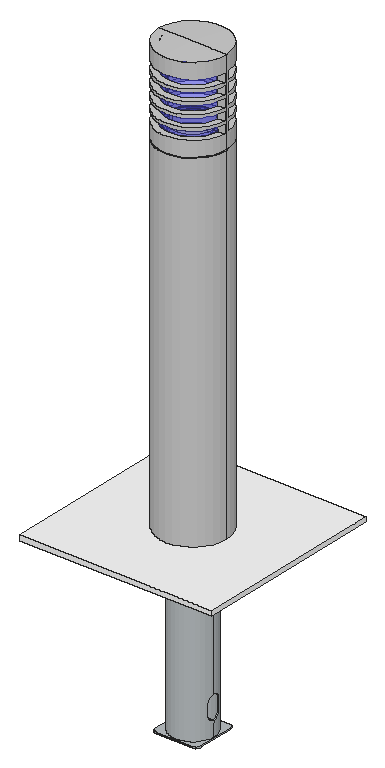
Revit family "BE_84323_de_DE", category Leuchten, Revit 2020
Family settings
  Basisbauteil = Fläche
  Bemaßung runder Anschluss = Durchmesser verwenden
  Teiletyp = Normal
  Beim Laden mit Abzugskörper schneiden = Ja
  Lichtquelle = Ja
  Gemeinsam genutzt = Nein
  Raumberechnungspunkt = Ja
Parameters (values of type "BEGA_84323_Silber_K4")
  built-in parameter 1150104 = 12.747 (stored number, unit not read)
  Wattage = 8.2 W
  Default Elevation = 0 mm
  built-in parameter 1150113 = 1 (stored number, unit not read)
  built-in parameter 1114218 = 1 (stored number, unit not read)
  Umgebungstemperatur = "25 °C"
  URL = "https://www.bega.com/de/produkt/84323"
  Typenkommentare = "© 2022 BEGA. Wir behalten uns das Recht vor, technische Änderungen ohne vorherige Ankündigung vorzunehmen."  # constant formula
  Type Image = 84323.png
  built-in parameter 1150134 = 12
  built-in parameter 1150109 = 1 (stored number, unit not read)
  Strom = ""
  built-in parameter 1150110 = 1 (stored number, unit not read)
  Spannung = 239.996 V
  Sonderanfertigung = no
  Seriennummer [instance] = "Hier können Sie die eindeutige Seriennummer für das Facility Management eintragen."
  Schutzklasse = "I"
  Schutzart = "IP 65"
  Scheinlast = 0 VA
  Produktdatenblatt = "https://cdn.bega.com/bega/products/84323AK4/current/documents/data-sheets/de"
  Oberflächentemperatur = ""
  Neigungswinkel = 0.00°
  Modell = "84323AK4"
  Material_18 = BEGA_Gummi_schwarz
  Material_17 = BEGA_Reflektor
  Material_15 = BEGA_Leuchtmedium_matt
  Material_11 = BEGA_Glas_opal
  Material_09 = BEGA_Glas_klar
  Material_08 = BEGA_Oberfläche_Stahl_verzinkt
  Material_06 = BEGA_Oberfläche_Edelstahl_gebürstet
  Material_03 = BEGA_Oberfläche_Weiss_matt
  Material_02 = BEGA_Oberfläche_Silber_matt
  Material_01 [instance] = BEGA_Oberfläche_Grafit_matt
  M_W = no
  M_G = no
  M_A = yes
  Logo = 0
  built-in parameter 1114217 = 1 (stored number, unit not read)
  built-in parameter 1150139 = (empty or 0)
  built-in parameter 1150105 = 89.534 (stored number, unit not read)
  built-in parameter 1150114 = 1 (stored number, unit not read)
  Lumens = 1125.12 lm
  built-in parameter 1150115 = 1 (stored number, unit not read)
  Leuchtenlichtstrom = "336 lm"
  Leuchtenanzahl = ""
  Lebensdauerkriterien = "L70B50 @ 25 °C = 200000 h"
  Lastklassifizierung = Beleuchtung
  built-in parameter 1150112 = 1 (stored number, unit not read)
  Lampenlichtstrom = "1415 lm"
  Lampe = "LED 8.2 W"
  LED_Modulbezeichnung = "LED-0292/840"
  built-in parameter 1150142 = (empty or 0)
  Hersteller = "BEGA"  # constant formula
  Halbstreuwinkel = ""
  Gewicht = "8.35 kg"
  Gebrauchslageneinschränkung [instance] = ""
  Frequenz = "0/50-60 Hz"
  Farbwiedergabeindex = "CRI > 80"
  Farbtemperaturverschiebung bei Dämpfen der Lampe = <Keine Auswahl>
  Farbtemperatur = "4000 K"
  Color Filter = 16777215
  built-in parameter 1150133 = 10 (stored number, unit not read)
  Energieeffizienzklasse = "LED A++ - A"
  built-in parameter 1150137 = (empty or 0)
  built-in parameter 1150132 = (empty or 0)
  ENEC = "ja"
  Dimmbar [instance] = "DALI"
  Datei für fotometrisches Netz = "BE_84323K4.IES"
  CE_Konformität = "ja"
  Bestellnummer = "84323AK4"
  Beschreibung_Sonderanfertigung = "Hier können Sie Informationen zur Sonderanfertigung eintragen."
  Beschreibung = "Garten- und Wegeleuchte"
  built-in parameter 1150106 = 0.89534 (stored number, unit not read)
  Befestigungsbohrung = ""
  Befestigungsabstand = ""
  Ballwurfsicher = ""
  BEGA_Intern_aus = yes
  BEGA_Intern_an = yes
  BEGA_Intern_Konstruktion = yes
  BEGA_Intern = yes
  BEGA_IES = yes
  BEGA_Dummy = no
  Anschlussleitung = ""
  Anschlussleistung [instance] = "9.8 W"
  built-in parameter 1150107 = 4000 (stored number, unit not read)
  built-in parameter 1150102 = (empty or 0)
  built-in parameter 1150138 = (empty or 0)
  Aktualisierung = "2022-05-19T04:00:07"
  Abstand_zur_angestrahlten_Fläche [instance] = ""
  AC/DC = "AC/DC"
Types (4, lengths in mm): name | built-in parameter 1150134 | Modell | M_G | M_A | Leuchtenlichtstrom | Lampenlichtstrom | LED_Modulbezeichnung | Farbtemperatur | Datei für fotometrisches Netz | Bestellnummer | built-in parameter 1150107
  BEGA_84323_Silber_K4 | 12 | "84323AK4" | no | yes | "336 lm" | "1415 lm" | "LED-0292/840" | "4000 K" | "BE_84323K4.IES" | "84323AK4" | 4000 (stored number, unit not read)
  BEGA_84323_Grafit_K4 | 12 | "84323K4" | yes | no | "336 lm" | "1415 lm" | "LED-0292/840" | "4000 K" | "BE_84323K4.IES" | "84323K4" | 4000 (stored number, unit not read)
  BEGA_84323_Grafit_K3 | (empty or 0) | "84323K3" | yes | no | "331 lm" | "1395 lm" | "LED-0292/830" | "3000 K" | "BE_84323K3.IES" | "84323K3" | 3000 (stored number, unit not read)
  BEGA_84323_Silber_K3 | (empty or 0) | "84323AK3" | no | yes | "331 lm" | "1395 lm" | "LED-0292/830" | "3000 K" | "BE_84323K3.IES" | "84323AK3" | 3000 (stored number, unit not read)
Reference planes
  plane 1 "Mitte (Vorne/Hinten)": y = 0
  plane 2: z = 0
  plane 3 "Mitte (Links/Rechts)": x = 0
  plane 4 "Links": x = -70
  plane 5 "Rechts": x = 70
  plane 6 "Unten": y = -70
  plane 7 "Oben": y = 70
  plane 8 "Vorne": z = 906.03
  plane 9 "Hinten": z = -380.009
Forms (mm)
  Extrusion 1, solid, material "BEGA_Platte_Weiss"
    sketch origin (0, -1119.2, 0) x (1, 0, 0) y (0, 1, 0)
      loop
        line (-200, 1319.2) -> (-200, 919.2) -> (200, 919.2) -> (200, 1319.2) -> (-200, 1319.2)
    from 0 to -10
  Extrusion 2, solid, material "BEGA_Dummy_matt", visible <- "BEGA_Dummy"
    sketch origin (77.149, -76.023, 0) x (1, 0, 0) y (0, 1, 0)
      loop
        circle (-77.149, 76.023) r 70
    from 0 to 906.03
Dimensions and locks
  plane 1 "Mitte (Vorne/Hinten)" to Extrusion 1 = 200 mm
  aligned and locked: plane 2 to Extrusion 1
  aligned and locked: level to Extrusion 1
Nested families
  nested 1: "84323" at (0, 0, 0), type "84323"
Connectors
  electrical at (0, 0, 0), driven by "Lastklassifizierung", driven by "Spannung", driven by "Scheinlast"
    settings: index 1, voltage 239.996 V, apparent load 0 VA, apparent load phase1 0 VA, apparent load phase2 0 VA, apparent load phase3 0 VA, power factor 1, load classification "Beleuchtung", number of poles 1, system type 31, power factor state 1, is connector primary yes, connector utility no, sub classification motor no, connector description ""
Definition of nested family "84323"
  Parameters (values of type "84323")
    Default Elevation = 1 mm
    URL = "http://www.bega.de/de/produkt"
    Type Comments = "© 2015 BEGA. Wir behalten uns das Recht vor, technische Änderungen ohne vorherige Ankündigung vorzunehmen. "  # constant formula
    Type Image = (empty or 0)
    Neigungswinkel_um_Z2 = 0.00°
    Neigungswinkel_um_Z1 = 0.00°
    Neigungswinkel_um_Y2 = 0.00°
    Neigungswinkel_um_Y1 = 0.00°
    Neigungswinkel_um_X2 = 0.00°
    Neigungswinkel_um_X1 = 0.00°
    Material_18 = none
    Material_17 = none
    Material_15 = none
    Material_11 = none
    Material_09 = none
    Material_08 = none
    Material_06 = none
    Material_02 = none
    Material_01 = none
    M_W = yes
    M_G = yes
    M_A = yes
    Länge_Platte = 200 mm  # constant formula
    Höhe_Platte = -10 mm  # constant formula
    Manufacturer = "BEGA"  # constant formula
    Drehwinkel_um_Z2 = 0.00°
    Drehwinkel_um_Z1 = 0.00°
    Breite_Platte = 200 mm  # constant formula
  Reference planes
    plane 1 "Mitte (Oben/Unten)": y = 0
    plane 2: z = 0
    plane 3 "Mitte (Links/Rechts)": x = 0
    plane 4 "Links": x = -70
    plane 5 "Rechts": x = 70
    plane 6 "Oben": y = 70
    plane 7 "Unten": y = -70
    plane 8: z = 906.03
    plane 9: z = -380.009
  Forms (mm)
    Extrusion 1, solid, detail levels medium
      sketch origin (0, 0, 0) x (1, 0, 0) y (0, 1, 0)
        loop
          line (-100, 100) -> (-100, -100) -> (100, -100) -> (100, 100) -> (-100, 100)
      from 0 to -10 <- "Höhe_Platte"
    Revolve 2, solid, material <- "Material_01", visible <- "M_G"
      sketch origin (0, 0, 0) x (1, 0, 0) y (0, 0, 1)
        loop
          line (-70, 725.578) -> (-70, 0) -> (-66.5, 0) -> (-66.5, 711.078) -> (-53.538, 711.078) -> (-53.538, 745.534) -> (-56.685, 745.534) -> (-56.685, 749.545) -> (-59.513, 749.545) -> (-59.513, 727.578) -> (-69, 727.578) -> (-69, 725.578) -> (-70, 725.578)
        axis (0, 749.545) -> (0, 0)
      angle from 0 to 360
    Revolve 3, solid, material <- "Material_18"
      sketch origin (0, 0, 0) x (1, 0, 0) y (0, 0, 1)
        loop
          circle (-54.006, 748.057) r 2.469
        axis (0, 748.057) -> (0, 747.057)
      angle from 0 to 360
    Revolve 4, solid, material <- "Material_11"
      sketch origin (0, 0, 0) x (1, 0, 0) y (0, 0, 1)
        loop
          line (0, 889.668) -> (0, 893.578) -> (-53.516, 893.578) -> (-56.013, 750.499) -> (-47.699, 750.499) -> (-47.699, 726.078) -> (-42, 726.078) -> (-42, 754.609) -> (-51.929, 754.609) -> (-49.572, 889.668) -> (0, 889.668)
        axis (0, 893.578) -> (0, 726.078)
      angle from 0 to 360
    Revolve 5, solid, material <- "Material_01", visible <- "M_G"
      sketch origin (0, 0, 0) x (1, 0, 0) y (0, 0, 1)
        loop
          line (0, 902.317) -> (0, 906.03) -> (-70, 904.853) -> (-70, 727.878) -> (-67, 727.878) -> (-67, 751.878) -> (-57.625, 751.878) -> (-54.999, 902.317) -> (0, 902.317)
        axis (0, 906.03) -> (0, 727.878)
      angle from 0 to 360
    Revolve 6, solid, material <- "Material_08"
      sketch origin (0, 0, 0) x (1, 0, 0) y (0, 0, 1)
        loop
          line (-44.5, 120) -> (-44.5, -378.169) -> (-42.5, -378.169) -> (-42.5, 120) -> (-44.5, 120)
        axis (0, 120) -> (0, -378.169)
      angle from 0 to 360
    Extrusion 7, void
      sketch origin (0, 0, 0) x (0, 1, 0) y (0, 0, 1)
        loop
          arc (-15, -333.169) -> (0, -348.169) -> (15, -333.169) r 15
          line (15, -333.169) -> (15, -313.169)
          arc (15, -313.169) -> (0, -298.169) -> (-15, -313.169) r 15
          line (-15, -313.169) -> (-15, -333.169)
      from -80 to 80
    Extrusion 8, solid, material <- "Material_08"
      sketch origin (0, 0, 0) x (1, 0, 0) y (0, 1, 0)
        loop
          arc (-37.75, 47.75) -> (-44.821, 44.821) -> (-47.75, 37.75) r 10
          line (-47.75, 37.75) -> (-47.75, -37.75)
          arc (-47.75, -37.75) -> (-44.821, -44.821) -> (-37.75, -47.75) r 10
          line (-37.75, -47.75) -> (37.75, -47.75)
          arc (37.75, -47.75) -> (44.821, -44.821) -> (47.75, -37.75) r 10
          line (47.75, -37.75) -> (47.75, 37.75)
          arc (47.75, 37.75) -> (44.821, 44.821) -> (37.75, 47.75) r 10
          line (37.75, 47.75) -> (-37.75, 47.75)
        loop
          circle (0, 0) r 44.5
      from -378.169 to -380.009
    Revolve 9, solid, material <- "Material_02", visible <- "M_A"
      sketch origin (0, 0, 0) x (1, 0, 0) y (0, 0, 1)
        loop
          line (-70, 725.578) -> (-70, 0) -> (-66.5, 0) -> (-66.5, 711.078) -> (-53.538, 711.078) -> (-53.538, 745.534) -> (-56.685, 745.534) -> (-56.685, 749.545) -> (-59.513, 749.545) -> (-59.513, 727.578) -> (-69, 727.578) -> (-69, 725.578) -> (-70, 725.578)
        axis (0, 749.545) -> (0, 0)
      angle from 0 to 360
    Extrusion 10, void
      sketch origin (0, 0, 0) x (0, 1, 0) y (0, 0, 1)
        loop
          line (-72.824, 872.89) -> (-72.824, 854.915) -> (-5, 854.915) -> (-5, 872.89) -> (-72.824, 872.89)
        loop
          line (5, 872.89) -> (5, 854.915) -> (73.868, 854.915) -> (73.868, 872.89) -> (5, 872.89)
        loop
          line (-72.824, 848.966) -> (-72.824, 830.997) -> (-5, 830.997) -> (-5, 848.966) -> (-72.824, 848.966)
        loop
          line (5, 848.966) -> (5, 830.997) -> (73.868, 830.997) -> (73.868, 848.966) -> (5, 848.966)
        loop
          line (-72.824, 824.914) -> (-72.824, 806.896) -> (-5, 806.896) -> (-5, 824.914) -> (-72.824, 824.914)
        loop
          line (-72.824, 800.728) -> (-72.824, 783.034) -> (-5, 783.034) -> (-5, 800.728) -> (-72.824, 800.728)
        loop
          line (-72.824, 776.927) -> (-72.824, 758.808) -> (-5, 758.808) -> (-5, 776.927) -> (-72.824, 776.927)
        loop
          line (5, 824.914) -> (5, 806.896) -> (73.868, 806.896) -> (73.868, 824.914) -> (5, 824.914)
        loop
          line (5, 800.728) -> (5, 783.034) -> (73.868, 783.034) -> (73.868, 800.728) -> (5, 800.728)
        loop
          line (5, 776.927) -> (5, 758.808) -> (73.868, 758.808) -> (73.868, 776.927) -> (5, 776.927)
      from -80 to 80
    Revolve 11, solid, material <- "Material_02", visible <- "M_A"
      sketch origin (0, 0, 0) x (1, 0, 0) y (0, 0, 1)
        loop
          line (0, 902.317) -> (0, 906.03) -> (-70, 904.853) -> (-70, 727.878) -> (-67, 727.878) -> (-67, 751.878) -> (-57.625, 751.878) -> (-54.999, 902.317) -> (0, 902.317)
        axis (0, 906.03) -> (0, 727.878)
      angle from 0 to 360
  Cuts and joins
    Extrusion 7 cuts Revolve 6
    joined: Revolve 6, Extrusion 8
    Extrusion 10 cuts Revolve 5
    Extrusion 10 cuts Revolve 11
  Dimensions and locks
    equal spacing: Extrusion 1 sketch curve, plane 3 "Mitte (Links/Rechts)", Extrusion 1 sketch curve
    equal spacing: Extrusion 1 sketch curve, plane 1 "Mitte (Oben/Unten)", Extrusion 1 sketch curve
    "Länge_Platte": Extrusion 1 sketch curve to Extrusion 1 sketch curve
    "Breite_Platte": Extrusion 1 sketch curve to Extrusion 1 sketch curve
    aligned and locked: plane 2 to Extrusion 1
    aligned and locked: level to Extrusion 1
  Automatic sketch dimensions
    Revolve 6 sketch curve to plane 3 "Mitte (Links/Rechts)" = 0 mm
    Revolve 6 sketch curve to plane 3 "Mitte (Links/Rechts)" = 42.5 mm
    Revolve 6 sketch curve to Revolve 6 sketch curve = 2 mm
    Revolve 6 sketch curve to Revolve 6 sketch curve = 1.831 mm
    Revolve 6 sketch curve to Revolve 6 sketch curve = 10 mm
    Extrusion 7 sketch curve to Extrusion 7 sketch curve = 20 mm
    Extrusion 7 sketch curve to plane 1 "Mitte (Oben/Unten)" = 0 mm
    plane 1 "Mitte (Oben/Unten)" to Extrusion 7 sketch curve = 15 mm
    plane 1 "Mitte (Oben/Unten)" to Extrusion 8 sketch curve = 0 mm
    Extrusion 8 sketch curve to plane 3 "Mitte (Links/Rechts)" = 0 mm
    Extrusion 8 sketch curve to plane 3 "Mitte (Links/Rechts)" = 37.75 mm  (x2)
    Extrusion 8 sketch curve to Extrusion 8 sketch curve = 10 mm  (x3)
    plane 3 "Mitte (Links/Rechts)" to Extrusion 8 sketch curve = 37.75 mm
    Extrusion 8 sketch curve to plane 1 "Mitte (Oben/Unten)" = 37.75 mm
    plane 1 "Mitte (Oben/Unten)" to Extrusion 8 sketch curve = 37.75 mm
    Revolve 6 sketch curve to level = 378.169 mm
    Extrusion 7 sketch curve to level = 333.169 mm
    level to Revolve 6 sketch curve = 120 mm
    Revolve 4 sketch curve to plane 3 "Mitte (Links/Rechts)" = 0 mm  (x2)
    plane 4 "Links" to Revolve 4 sketch curve = 28 mm
    Revolve 4 sketch curve to Revolve 4 sketch curve = 5.699 mm
    plane 4 "Links" to Revolve 4 sketch curve = 20.428 mm
    Revolve 4 sketch curve to Revolve 4 sketch curve = 4.23 mm
    Revolve 4 sketch curve to Revolve 4 sketch curve = 3.944 mm
    Revolve 4 sketch curve to Revolve 4 sketch curve = 4.084 mm
    Revolve 4 sketch curve to plane 8 = 179.952 mm
    Revolve 4 sketch curve to Revolve 4 sketch curve = 24.42 mm
    Revolve 4 sketch curve to Revolve 4 sketch curve = 4.111 mm
    Revolve 4 sketch curve to plane 8 = 16.362 mm
    Revolve 4 sketch curve to Revolve 4 sketch curve = 3.91 mm
    Revolve 4 sketch curve to Revolve 4 sketch curve = 46.854 mm
    Revolve 4 sketch curve to plane 8 = 1.806 mm
    Revolve 3 sketch curve to plane 3 "Mitte (Links/Rechts)" = 0 mm
    plane 4 "Links" to Revolve 3 sketch curve = 15.994 mm
    Revolve 3 sketch curve to plane 8 = 157.974 mm
    Revolve 3 sketch curve to Revolve 3 sketch curve = 38.573 mm
    Revolve 3 sketch curve to Revolve 3 sketch curve = 17.911 mm
    Revolve 2 sketch curve to level = 0 mm
    Revolve 2 sketch curve to plane 4 "Links" = 0 mm
    Revolve 2 sketch curve to plane 3 "Mitte (Links/Rechts)" = 0 mm
    plane 4 "Links" to Revolve 2 sketch curve = 1 mm
    Revolve 2 sketch curve to Revolve 2 sketch curve = 2.5 mm
    plane 4 "Links" to Revolve 2 sketch curve = 10.487 mm
    Revolve 2 sketch curve to Revolve 2 sketch curve = 2.828 mm
    Revolve 2 sketch curve to Revolve 2 sketch curve = 3.147 mm
    Revolve 2 sketch curve to plane 8 = 180.452 mm
    Revolve 2 sketch curve to Revolve 2 sketch curve = 2 mm
    Revolve 2 sketch curve to Revolve 2 sketch curve = 17.956 mm
    Revolve 2 sketch curve to Revolve 2 sketch curve = 4.011 mm
    level to Revolve 2 sketch curve = 249.238 mm
    Revolve 2 sketch curve to Revolve 2 sketch curve = 21.293 mm
    Revolve 2 sketch curve to Revolve 2 sketch curve = 14.5 mm
    Revolve 9 sketch curve to level = 0 mm
    Revolve 9 sketch curve to plane 4 "Links" = 0 mm
    Revolve 9 sketch curve to plane 3 "Mitte (Links/Rechts)" = 0 mm
    plane 4 "Links" to Revolve 9 sketch curve = 1 mm
    Revolve 9 sketch curve to Revolve 9 sketch curve = 3.5 mm
    plane 4 "Links" to Revolve 9 sketch curve = 10.487 mm
    Revolve 9 sketch curve to Revolve 9 sketch curve = 2.828 mm
    Revolve 9 sketch curve to Revolve 9 sketch curve = 3.147 mm
    Revolve 9 sketch curve to plane 8 = 194.952 mm
    Revolve 9 sketch curve to Revolve 9 sketch curve = 14.5 mm
    Revolve 9 sketch curve to Revolve 9 sketch curve = 2 mm
    Revolve 9 sketch curve to Revolve 9 sketch curve = 17.956 mm
    Revolve 9 sketch curve to Revolve 9 sketch curve = 4.011 mm
    level to Revolve 9 sketch curve = 249.238 mm
    Revolve 9 sketch curve to Revolve 9 sketch curve = 4.793 mm
    Revolve 5 sketch curve to plane 4 "Links" = 0 mm
    Revolve 5 sketch curve to plane 3 "Mitte (Links/Rechts)" = 0 mm  (x2)
    Revolve 5 sketch curve to plane 8 = 0 mm
    plane 4 "Links" to Revolve 5 sketch curve = 3 mm
    Revolve 5 sketch curve to plane 8 = 1.178 mm
    Revolve 5 sketch curve to Revolve 5 sketch curve = 150.439 mm
    Revolve 5 sketch curve to Revolve 5 sketch curve = 24 mm
    Revolve 5 sketch curve to Revolve 5 sketch curve = 9.375 mm
    Revolve 5 sketch curve to plane 8 = 3.713 mm
    plane 4 "Links" to Revolve 5 sketch curve = 15.001 mm
    Revolve 5 sketch curve to Revolve 5 sketch curve = 1.079 mm
    Revolve 5 sketch curve to Revolve 5 sketch curve = 0.589 mm
    Extrusion 10 sketch curve to plane 7 "Unten" = 2.824 mm  (x5)
    plane 1 "Mitte (Oben/Unten)" to Extrusion 10 sketch curve = 5 mm  (x5)
    Extrusion 10 sketch curve to plane 1 "Mitte (Oben/Unten)" = 5 mm  (x5)
    plane 6 "Oben" to Extrusion 10 sketch curve = 3.868 mm  (x5)
    Extrusion 10 sketch curve to plane 8 = 147.223 mm
    Extrusion 10 sketch curve to Extrusion 10 sketch curve = 0 mm  (x3)
    Extrusion 10 sketch curve to Extrusion 10 sketch curve = 18.119 mm  (x2)
    Extrusion 10 sketch curve to Extrusion 10 sketch curve = 6.107 mm  (x2)
    Extrusion 10 sketch curve to Extrusion 10 sketch curve = 17.694 mm
    Extrusion 10 sketch curve to Extrusion 10 sketch curve = 6.168 mm  (x2)
    Extrusion 10 sketch curve to Extrusion 10 sketch curve = 18.018 mm  (x2)
    Extrusion 10 sketch curve to Extrusion 10 sketch curve = 6.083 mm  (x2)
    Extrusion 10 sketch curve to Extrusion 10 sketch curve = 17.969 mm
    Extrusion 10 sketch curve to Extrusion 10 sketch curve = 5.949 mm  (x2)
    Extrusion 10 sketch curve to Extrusion 10 sketch curve = 17.975 mm  (x2)
    Revolve 11 sketch curve to plane 4 "Links" = 0 mm
    Revolve 11 sketch curve to plane 3 "Mitte (Links/Rechts)" = 0 mm  (x2)
    Revolve 11 sketch curve to plane 8 = 0 mm
    plane 4 "Links" to Revolve 11 sketch curve = 3 mm
    Revolve 11 sketch curve to Revolve 11 sketch curve = 9.375 mm
    Revolve 11 sketch curve to plane 8 = 3.713 mm
    plane 4 "Links" to Revolve 11 sketch curve = 15.001 mm
    Revolve 11 sketch curve to Revolve 11 sketch curve = 150.439 mm
    Revolve 11 sketch curve to Revolve 11 sketch curve = 24 mm
    Revolve 11 sketch curve to plane 8 = 1.178 mm
    Revolve 11 sketch curve to Revolve 11 sketch curve = 1.079 mm
    Revolve 11 sketch curve to Revolve 11 sketch curve = 0.589 mm
    radius of Extrusion 8 sketch curve = 44.5 mm
    radius of Revolve 3 sketch curve = 2.469 mm
